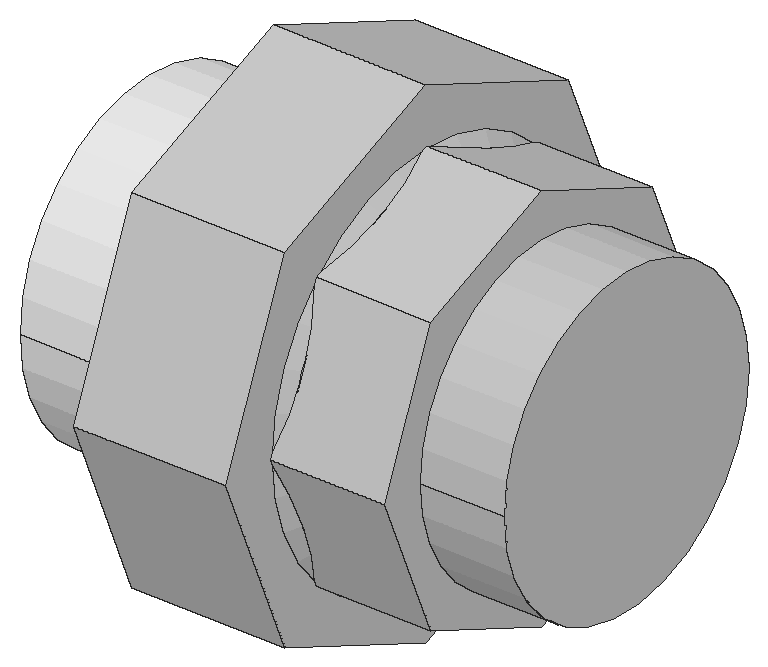
Revit family "PF_Соединение [фитинг полипропиленовый - разъемный с переходом на наружную резьбу VTp.761.0]1 - VALTEC", category Соединительные детали трубопроводов, Revit 2019
Family settings
  Размер круглого соединителя = Использовать диаметр
  Тип детали = Соединение
  На основе рабочей плоскости = Нет
  Всегда вертикально = Да
  При загрузке вырезать с полостями = Нет
  Общий = Нет
Parameters (values of type "VTp.761.0")
  Таблица = "PF_Соединение [фитинг полипропиленовый - разъемный с переходом на наружную резьбу VTp.761.0] - VALTEC"  # constant formula
  built-in parameter 1114238 [instance] = (empty or 0)
  Отразить [instance] = no
  Материал доп.1 = Сталь, нержавеющая - VALTEC
  Manufacturer = ""
  n [instance] = if(Отразить, 1 mm, 0 mm)  # 0 mm
  l9 [instance] = size_lookup(Таблица, "l9", 0 mm, n, d)  # 29 mm
  l8 [instance] = size_lookup(Таблица, "l8", 0 mm, n, d)  # 13 mm
  l7 [instance] = size_lookup(Таблица, "l7", 0 mm, n, d)  # 0 mm
  l6 [instance] = size_lookup(Таблица, "l6", 0 mm, n, d)  # 0 mm
  l5 [instance] = size_lookup(Таблица, "l5", 0 mm, n, d)  # 8.9 mm
  l4 [instance] = size_lookup(Таблица, "l4", 0 mm, n, d)  # 12.1 mm
  l3 [instance] = size_lookup(Таблица, "l3", 0 mm, n, d)  # 1 mm
  l2 [instance] = size_lookup(Таблица, "l2", 0 mm, n, d)  # 16 mm
  y2 [instance] = size_lookup(Таблица, "y2", 0 mm, n, d)  # 8.9 mm
  y1 [instance] = size_lookup(Таблица, "y1", 0 mm, n, d)  # 0 mm
  l10 [instance] = size_lookup(Таблица, "l10", 0 mm, n, d)  # 29 mm
  l1 [instance] = size_lookup(Таблица, "l1", 0 mm, n, d)  # 13 mm
  x2 [instance] = if(d < d2, dn3, 1 mm)  # 1 mm
  dn6 [instance] = size_lookup(Таблица, "dn6", 0 mm, n, d)  # 32 mm
  dn5 [instance] = size_lookup(Таблица, "dn5", 0 mm, n, d)  # 37.9 mm
  dn4 [instance] = size_lookup(Таблица, "dn4", 0 mm, n, d)  # 37.9 mm
  dn3 [instance] = size_lookup(Таблица, "dn3", 0 mm, n, d)  # 40.6 mm
  dn2 [instance] = size_lookup(Таблица, "dn2", 0 mm, n, d)  # 48.5 mm
  x1 [instance] = if(d < d2, 1 mm, dn3)  # 40.6 mm
  dn1 [instance] = size_lookup(Таблица, "dn1", 0 mm, n, d)  # 34 mm
  d2 [instance] = 25 mm
  d [instance] = 25 mm
  URL = "https://valtec.ru/"
  B [instance] = size_lookup(Таблица, "B", 0 mm, n, d)  # 16.5 mm
  ADSK_Примечание [instance] = ""
  ADSK_Позиция [instance] = ""
  ADSK_Обозначение [instance] = "VTp.761.0"  # constant formula
  ADSK_Наименование [instance] = size_lookup(Таблица, "", "Данный типоразмер отсутствует", n, d)  # "Фитинг разъемный полипропиленовый с переходом на наружную резьбу, 25 мм х 1\""
  ADSK_Материал = Полипропилен - RGB 255 255 255
  ADSK_Масса [instance] = size_lookup(Таблица, "Масса", 0, n, d)  # 0.184
  ADSK_Марка [instance] = size_lookup(Таблица, "Маркировка", "Данный типоразмер отсутствует", n, d)  # "25х1\""
  ADSK_Код изделия [instance] = size_lookup(Таблица, "Код продукта", "Данный типоразмер отсутствует", n, d)  # "VTp.761.0.02506"
  ADSK_Завод-изготовитель [instance] = "VALTEC"  # constant formula
  ADSK_Единица измерения [instance] = "шт."  # constant formula
  ADSK_URL страницы изделия = "https://valtec.ru/catalog/sistemy_polipropilenovyh_truboprovodov/polipropilenovye_fitingi/fiting_razemnyj_polipropilenovyj_s_perehodom_na_narujnuyu_rezbu.html"
  ADSK_URL документации изделия = "https://valtec.ru/document/technical/VTp.700-fitingi-0419.pdf"
  A [instance] = size_lookup(Таблица, "A", 0 mm, n, d)  # 50 mm
Reference planes
  plane 1 "По центру (Вперед/Назад)": y = 0
  plane 2: z = 0
  plane 3 "По центру (Влево/Вправо)": x = 0
  plane 4: x = -25
  plane 5: x = 25
  plane 6: y = -20.3
  plane 7: y = 20.3
  plane 8: y = -0.5
  plane 9: y = 0.5
  plane 10: x = -25
  plane 11: x = -12
  plane 12: x = 4
  plane 13: x = 5
  plane 14: x = 4
  plane 15: x = 16.1
  plane 16: x = -12
  plane 17: x = 4
  plane 18: x = 16.1
  plane 19: x = 25
  plane 20: x = -25
  plane 21: x = 16.1
Forms (mm)
  Extrusion 1, solid, material "Сталь, нержавеющая - VALTEC" <- "Материал доп.1", detail levels medium+fine
    sketch origin (0, 0, 0) x (0, 1, 0) y (0, 0, 1)
      loop
        circle (0, 0) r 16
    from 16.1 to 25
  Extrusion 2, solid, material "Полипропилен - RGB 255 255 255" <- "ADSK_Материал", detail levels medium+fine
    sketch origin (0, 0, 0) x (0, 1, 0) y (0, 0, 1)
      loop
        circle (0, 0) r 17
    from -12 to -25
  Blend 3, solid, material "Сталь, нержавеющая - VALTEC" <- "Материал доп.1", detail levels medium+fine
    base sketch origin (0, 0, 0) x (0, 1, 0) y (0, 0, 1)
      loop
        circle (0, 0) r 20.3
    top sketch origin (0, 0, 0) x (0, 1, 0) y (0, 0, 1)
      loop
        circle (0, 0) r 18.95
    from 4 to 5
Lines and regions (mm)
  reference lines
    curve 1: line (-25, 0, 0) -> (16.1, 0, 0)
  model lines, detail levels coarse
    curve 2: line (-25, 20.3, 0) -> (-25, -20.3, 0)
    curve 3: line (16.1, 0.5, 0) -> (16.1, -0.5, 0)
    curve 4: line (-25, 20.3, 0) -> (16.1, 0.5, 0)
    curve 5: line (16.1, -0.5, 0) -> (-25, -20.3, 0)
Dimensions and locks
  equal spacing: plane 4, plane 3 "По центру (Влево/Вправо)", plane 5
  "A": plane 4 to plane 5
  equal spacing: plane 7, plane 1 "По центру (Вперед/Назад)", plane 6
  "x1": plane 7 to plane 6
  equal spacing: plane 8, plane 1 "По центру (Вперед/Назад)", plane 9
  "x2": plane 8 to plane 9
  "l1": plane 10 to plane 11
  "l2": plane 16 to plane 17
  "l3": plane 12 to plane 13
  "l4": plane 14 to plane 15
  "l5": plane 18 to plane 19
  "l8": plane 4 to plane 16
  "l9": plane 4 to plane 12
  "l10": plane 4 to plane 14
  "l6": plane 4 to plane 10
  "l7": plane 19 to plane 5
  "y1": plane 4 to plane 20
  "y2": plane 21 to plane 5
  "dn6": diameter of Extrusion 1 sketch curve
  "dn1": diameter of Extrusion 2 sketch curve
  "dn3": diameter of Blend 3 sketch curve
  "dn4": diameter of Blend 3 sketch curve
  aligned and locked: level to plane 2
  aligned and locked: plane 1 "По центру (Вперед/Назад)" to curve 1
  aligned and locked: plane 2 to Extrusion 1 sketch curve
  aligned and locked: plane 1 "По центру (Вперед/Назад)" to Extrusion 1 sketch curve
  aligned and locked: plane 2 to Extrusion 2 sketch curve
  aligned and locked: plane 1 "По центру (Вперед/Назад)" to Extrusion 2 sketch curve
  aligned and locked: plane 2 to Blend 3 sketch curve  (x2)
  aligned and locked: plane 1 "По центру (Вперед/Назад)" to Blend 3 sketch curve  (x2)
  aligned and locked: plane 10 to Extrusion 2
  aligned and locked: Extrusion 2 to plane 11
  aligned and locked: plane 12 to Blend 3
  aligned and locked: Blend 3 to plane 13
  aligned and locked: plane 18 to Extrusion 1
  aligned and locked: Extrusion 1 to plane 19
  aligned and locked: plane 1 "По центру (Вперед/Назад)" to nested 1
  aligned and locked: plane 1 "По центру (Вперед/Назад)" to nested 2
  aligned and locked: plane 16 to nested 1
  aligned and locked: plane 14 to nested 2
  aligned and locked: plane 8 to curve 3
  aligned and locked: plane 9 to curve 3
  aligned and locked: plane 7 to curve 2
  aligned and locked: plane 6 to curve 2
  aligned and locked: plane 21 to curve 4
  aligned and locked: plane 21 to curve 5
  aligned and locked: plane 20 to curve 5
  aligned and locked: curve 2 to plane 20
  aligned and locked: plane 20 to curve 1
  aligned and locked: plane 21 to curve 1
Nested families
  nested 1: "Гайка - горизонталь" at (-4, 0, 0), d <- "dn2", l <- "l2", ADSK_Материал <- "Материал доп.1", type "Гайка - горизонталь", detail levels medium+fine
    with l 16 mm, d 48.5 mm, ADSK_Материал Сталь, нержавеющая - VALTEC
  nested 2: "Гайка - горизонталь" at (10.05, 0, 0), d <- "dn5", l <- "l4", ADSK_Материал <- "Материал доп.1", type "Гайка - горизонталь", detail levels medium+fine
    with l 12.1 mm, d 37.9 mm, ADSK_Материал Сталь, нержавеющая - VALTEC
Connectors
  piping at (-25, 0, 0), diameter 25, driven by "d"
    settings: on curve 1, index 1, connector inside diameter 609.6 mm, connector length 0 mm, flow factor 0, pipe flow 0.0 L/s, pressure drop 0.0 Pa, fitting loss kfactor 0, connector angle 0.00°, fixture units 0, engagement length 0 mm, angle of deflection 0.00°, flow configuration 0, flow direction 0, fitting loss method 0, system type 28, joint type 0, gender type 0, connector reference index 2, connector utility 0, adjustable connector no, is connector primary yes, connector description ""
  piping at (16.1, 0, 0), diameter 25, driven by "d2"
    settings: on curve 1, index 2, connector inside diameter 609.6 mm, connector length 0 mm, flow factor 0, pipe flow 0.0 L/s, pressure drop 0.0 Pa, fitting loss kfactor 0, connector angle 0.00°, fixture units 0, engagement length 0 mm, angle of deflection 0.00°, flow configuration 0, flow direction 0, fitting loss method 0, system type 28, joint type 0, gender type 0, connector reference index 1, connector utility 0, adjustable connector no, is connector primary no, connector description ""
Definition of nested family "Гайка - горизонталь"
  Parameters (values of type "Гайка - горизонталь")
    d [instance] = 588.881 mm
    l [instance] = 637.4 mm
    ADSK_Материал [instance] = none
  Reference planes
    plane 1 "По центру (Вперед/Назад)": y = 0
    plane 2: z = 0
    plane 3 "По центру (Влево/Вправо)": x = 0
    plane 4: y = 318.7
    plane 5: y = -318.7
    plane 6: through (0, -912.519, 2972.425) normal (0, -0.9239, -0.3827)
    plane 7: through (0, -1234.338, 2979.956) normal (0, -0.9239, -0.3827)
    plane 8: through (0, -1556.157, 2987.486) normal (0, -0.9239, -0.3827)
    plane 9: through (0, 1234.338, 2979.956) normal (0, -0.9239, 0.3827)
    plane 10: through (0, -2420.114, 1321.144) normal (0, -0.3827, -0.9239)
    plane 11: through (0, -2532.792, 1049.117) normal (0, -0.3827, -0.9239)
    plane 12: through (0, -2645.469, 777.089) normal (0, -0.3827, -0.9239)
    plane 13: through (0, 2420.114, 1321.144) normal (0, -0.3827, 0.9239)
    plane 14: through (0, 2532.792, 1049.117) normal (0, -0.3827, 0.9239)
    plane 15: through (0, 2645.469, 777.089) normal (0, -0.3827, 0.9239)
    plane 16: through (0, 912.519, 2972.425) normal (0, -0.9239, 0.3827)
    plane 17: through (0, 1234.338, 2979.956) normal (0, -0.9239, 0.3827)
    plane 18: through (0, 1556.157, 2987.486) normal (0, -0.9239, 0.3827)
    plane 19: x = 318.7
    plane 20: x = -318.7
  Forms (mm)
    Extrusion 1, solid, material <- "ADSK_Материал"
      sketch origin (0, 0, 0) x (0, 1, 0) y (0, 0, 1)
        loop
          line (0, 318.7) -> (-225.355, 225.355) -> (-318.7, 0) -> (-225.355, -225.355) -> (0, -318.7) -> (225.355, -225.355) -> (318.7, 0) -> (225.355, 225.355) -> (0, 318.7)
      from -318.7 to 318.7
  Lines and regions (mm)
    reference lines
      curve 1: line (0, -112.677, -272.027) -> (0, 112.677, 272.027)
      curve 2: line (0, -272.027, 112.677) -> (0, 272.027, -112.677)
  Dimensions and locks
    equal spacing: plane 4, plane 1 "По центру (Вперед/Назад)", plane 5
    locked: plane 4 to plane 5 at 637.4
    equal spacing: plane 8, plane 7, plane 6
    "d": plane 8 to plane 6
    equal spacing: plane 12, plane 11, plane 10
    "d": plane 12 to plane 10
    equal spacing: plane 15, plane 14, plane 13
    "d": plane 15 to plane 13
    equal spacing: plane 18, plane 17, plane 16
    "d": plane 18 to plane 16
    equal spacing: plane 20, plane 3 "По центру (Влево/Вправо)", plane 19
    "l": plane 20 to plane 19
    aligned and locked: level to plane 2
    aligned and locked: plane 10 to Extrusion 1 sketch curve
    aligned and locked: plane 13 to Extrusion 1 sketch curve
    aligned and locked: plane 16 to Extrusion 1 sketch curve
    aligned and locked: Extrusion 1 sketch curve to plane 8
    aligned and locked: Extrusion 1 sketch curve to plane 12
    aligned and locked: Extrusion 1 sketch curve to plane 15
    aligned and locked: Extrusion 1 sketch curve to plane 18
    aligned and locked: plane 6 to Extrusion 1 sketch curve
    aligned and locked: plane 19 to Extrusion 1
    aligned and locked: plane 20 to Extrusion 1
    aligned and locked: Extrusion 1 to plane 19
    aligned and locked: plane 16 to curve 2
    aligned and locked: plane 18 to curve 2
    aligned and locked: curve 2 to plane 11
    aligned and locked: plane 12 to curve 1
    aligned and locked: plane 10 to curve 1
    aligned and locked: curve 1 to plane 17
